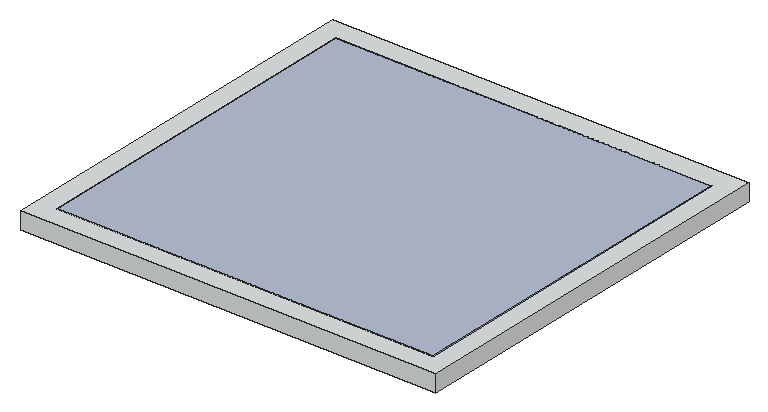
Revit family "Mirror-Vitra-ValarteSeries-62213+62214+62215+62216+62217+62218+62219+62220+62221+62222+62223+62224", category Furniture Systems, host Face, Revit 2017
Family settings
  Host = Face
  Round Connector Dimension = Use Diameter
  Part Type = Normal
  OmniClass Number = 23.40.00.00
  OmniClass Title = Equipment and Furnishings
  Cut with Voids When Loaded = No
  Shared = Yes
  Room Calculation Point = No
Parameters (values of type "Mirror-80cm-MatteWhite-Vitra-ValarteSeries_62216")
  Youtube = "https://www.youtube.com/user/VitrAglobal"
  Width(mm) = 745 mm
  Weight Net (kg) = "10,000"
  Warranty Period (Year) = "2"
  Uniformat II Description = "FURNISHINGS"
  Uniformat II Code = "E20"
  Uniclass 2015 Name = "Mirrors"
  Uniclass 2015 Code = "Pr_25_71_53"
  Uniclass 2.0 Description = "Mirrors"
  Uniclass 1.4 Description = "Mirrors"
  Uniclass 2.0 Code = "PR-71-55"
  Uniclass 1.4 Code = "L8732"
  URL = "https://vitraglobal.com/"
  UNSPSC Description = "Mirrors"
  UNSPSC Code = "56"
  Technical description = "https://www.vitra.com.tr/pdf/62216/"
  Tap hole Options (default) = ""
  Specification = ""
  Secondary Material = Vitra-Mirror
  Region South America = "All"
  Region Oceania = "All"
  Region North America = "All"
  Region Middle East = "All"
  Region Europe = "All"
  Region Asia = "All"
  Region Antarctica = "All"
  Region Africa = "All"
  Product group = "Mirror"
  Product family = "Valarte"
  Product data url = "https://www.vitra.com.tr/banyo-mobilyasi/aynalar/duz-aynalar/valarte-aydinlatmali-duz-ayna-sku-62216/"
  Product certification = "https://vitraglobal.com/catalogues/quality-certificates"
  Product SKU = "62216"
  Product Guid = ""
  Primary Material = Vitra-MattWhite
  OmniClass Description = "Furnishings, Fixtures and Equipment Products"
  OmniClass Code = "23-21 00 00"
  Nominal width = "0.000"
  Nominal height = "0.000"
  NBS Referans Description = ""
  NBS Referans Code = ""
  Model = "62216"
  Masterformat 2014 Description = "Mirrors"
  Masterformat 2014 Code = "08 83 00"
  Manufacturer name = "Vitra"
  Manufacturer = "Vitra"
  Installation instructions = ""
  IFC Classification = "Furniture"
  Height(mm) = 700 mm
  Design country = "Turkey"
  Description = "Valarte Mirror"
  Depth(mm) = 30 mm
  Default Elevation = 1200 mm
  Construction Type = "Face Mounted"
  Color = ""
  COBIe Type Category = ""
  BIMobject category = "Mirrors"
  Article No. (default) = "62216"
  Accessories (default) = ""
Types (13, lengths in mm): name | Width(mm) | Technical description | Product data url | Product SKU | Primary Material | Model | Article No. (default)
  (no name) | 745 | "https://www.vitra.com.tr/pdf/62216/" | "https://www.vitra.com.tr/banyo-mobilyasi/aynalar/duz-aynalar/valarte-aydinlatmali-duz-ayna-sku-62216/" | "62216" | Vitra-MattWhite | "62216" | "62216"
  Mirror-65cm-MatteWhite-Vitra-ValarteSeries_62213 | 595 | "https://www.vitra.com.tr/pdf/62213/" | "https://www.vitra.com.tr/banyo-mobilyasi/aynalar/duz-aynalar/valarte-aydinlatmali-duz-ayna-sku-62213/" | "62213" | Vitra-MattWhite | "62213" | "62213"
  Mirror-65cm-MatteGrey-Vitra-ValarteSeries_62214 | 595 | "https://www.vitra.com.tr/pdf/62214/" | "https://www.vitra.com.tr/banyo-mobilyasi/aynalar/duz-aynalar/valarte-aydinlatmali-duz-ayna-sku-62214/" | "62214" | Vitra-MattGrey | "62214" | "62214"
  Mirror-65cm-MatteIvory-Vitra-ValarteSeries_62215 | 595 | "https://www.vitra.com.tr/pdf/62215/" | "https://www.vitra.com.tr/banyo-mobilyasi/aynalar/duz-aynalar/valarte-aydinlatmali-duz-ayna-sku-62215/" | "62215" | Vitra-MattIvory | "62215" | "62215"
  Mirror-80cm-MatteWhite-Vitra-ValarteSeries_62216 | 745 | "https://www.vitra.com.tr/pdf/62216/" | "https://www.vitra.com.tr/banyo-mobilyasi/aynalar/duz-aynalar/valarte-aydinlatmali-duz-ayna-sku-62216/" | "62216" | Vitra-MattWhite | "62216" | "62216"
  Mirror-80cm-MatteGrey-Vitra-ValarteSeries_62217 | 745 | "https://www.vitra.com.tr/pdf/62217/" | "https://www.vitra.com.tr/banyo-mobilyasi/aynalar/duz-aynalar/valarte-aydinlatmali-duz-ayna-sku-62217/" | "62217" | Vitra-MattGrey | "62217" | "62217"
  Mirror-80cm-MatteIvory-Vitra-ValarteSeries_62218 | 745 | "https://www.vitra.com.tr/pdf/62218/" | "https://www.vitra.com.tr/banyo-mobilyasi/aynalar/duz-aynalar/valarte-aydinlatmali-duz-ayna-sku-62218/" | "62218" | Vitra-MattIvory | "62218" | "62218"
  Mirror-100cm-MatteWhite-Vitra-ValarteSeries_62219 | 945 | "https://www.vitra.com.tr/pdf/62219/" | "https://www.vitra.com.tr/banyo-mobilyasi/aynalar/duz-aynalar/valarte-aydinlatmali-duz-ayna-sku-62219/" | "62219" | Vitra-MattWhite | "62219" | "62219"
  Mirror-100cm-MatteGrey-Vitra-ValarteSeries_62220 | 945 | "https://www.vitra.com.tr/pdf/62220/" | "https://www.vitra.com.tr/banyo-mobilyasi/aynalar/duz-aynalar/valarte-aydinlatmali-duz-ayna-sku-62220/" | "62220" | Vitra-MattGrey | "62220" | "62220"
  Mirror-100cm-MatteIvory-Vitra-ValarteSeries_62221 | 945 | "https://www.vitra.com.tr/pdf/62221/" | "https://www.vitra.com.tr/banyo-mobilyasi/aynalar/duz-aynalar/valarte-aydinlatmali-duz-ayna-sku-62221/" | "62221" | Vitra-MattIvory | "62221" | "62221"
  Mirror-120cm-MatteWhite-Vitra-ValarteSeries_62222 | 1145 | "https://www.vitra.com.tr/pdf/62222/" | "https://www.vitra.com.tr/banyo-mobilyasi/aynalar/duz-aynalar/valarte-aydinlatmali-duz-ayna-sku-62222/" | "62222" | Vitra-MattWhite | "62222" | "62222"
  Mirror-120cm-MatteGrey-Vitra-ValarteSeries_62223 | 1145 | "https://www.vitra.com.tr/pdf/62223/" | "https://www.vitra.com.tr/banyo-mobilyasi/aynalar/duz-aynalar/valarte-aydinlatmali-duz-ayna-sku-62223/" | "62223" | Vitra-MattGrey | "62223" | "62223"
  Mirror-120cm-MatteIvory-Vitra-ValarteSeries_62224 | 1145 | "https://www.vitra.com.tr/pdf/62224/" | "https://www.vitra.com.tr/banyo-mobilyasi/aynalar/duz-aynalar/valarte-aydinlatmali-duz-ayna-sku-62224/" | "62224" | Vitra-MattIvory | "62224" | "62224"
Reference planes
  plane 1 "Center (Front/Back)": y = 1.411
  plane 2: z = -0.016
  plane 3 "Center (Left/Right)": x = 5.814
  plane 4: x = -366.686
  plane 5: x = 378.314
  plane 6: y = 351.411
  plane 7: y = -348.589
  plane 8: z = 29.984
Forms (mm)
  Extrusion 1, solid, material "Vitra-MattWhite" <- "Primary Material"
    sketch origin (0, 0, 0) x (1, 0, 0) y (0, 1, 0)
      loop
        line (-366.686, 351.411) -> (-366.686, -348.589) -> (378.314, -348.589) -> (378.314, 351.411) -> (-366.686, 351.411)
    from 0 to 29.984
  Extrusion 2, void
    sketch origin (0, 0, 29.984) x (1, 0, 0) y (0, 1, 0)
      loop
        line (-331.686, 313.911) -> (-331.686, -311.089) -> (343.314, -311.089) -> (343.314, 313.911) -> (-331.686, 313.911)
    from 45.08 to -10
  Extrusion 3, solid, material "Vitra-Mirror" <- "Secondary Material"
    sketch origin (0, 0, 29.984) x (1, 0, 0) y (0, 1, 0)
      loop
        line (-331.686, 313.911) -> (-331.686, -311.089) -> (343.314, -311.089) -> (343.314, 313.911) -> (-331.686, 313.911)
    from 0 to -5
Cuts and joins
  Extrusion 2 cuts Extrusion 1
Dimensions and locks
  "Width(mm)": plane 4 to plane 5
  "Height(mm)": plane 6 to plane 7
  "Depth(mm)": plane 8 to host face
  equal spacing: plane 6, plane 1 "Center (Front/Back)", plane 7, locked at 350 each
  equal spacing: plane 4, plane 3 "Center (Left/Right)", plane 5
  Extrusion 1 to Extrusion 2 sketch curve = 37.5 mm
  Extrusion 1 to Extrusion 2 sketch curve = 35 mm
  Extrusion 2 sketch curve to Extrusion 1 = 35 mm
  Extrusion 2 sketch curve to Extrusion 1 = 37.5 mm
  aligned and locked: plane 2 to host face
  aligned and locked: level to host face
  aligned and locked: plane 6 to cut or joined group of Extrusion 1, Extrusion 2
  aligned and locked: plane 5 to cut or joined group of Extrusion 1, Extrusion 2
  aligned and locked: plane 4 to cut or joined group of Extrusion 1, Extrusion 2
  aligned and locked: plane 7 to cut or joined group of Extrusion 1, Extrusion 2
Automatic sketch dimensions
  host sketch curve to host sketch curve = 2438.4 mm  (x2)
  plane 4 to Extrusion 1 sketch curve = 0 mm
  Extrusion 1 sketch curve to plane 4 = 745 mm
  plane 6 to Extrusion 1 sketch curve = 0 mm
  Extrusion 3 sketch curve to Extrusion 1 = 35 mm  (x2)
  Extrusion 3 sketch curve to Extrusion 1 = 37.5 mm  (x2)
  plane 7 to Extrusion 1 sketch curve = 0 mm
